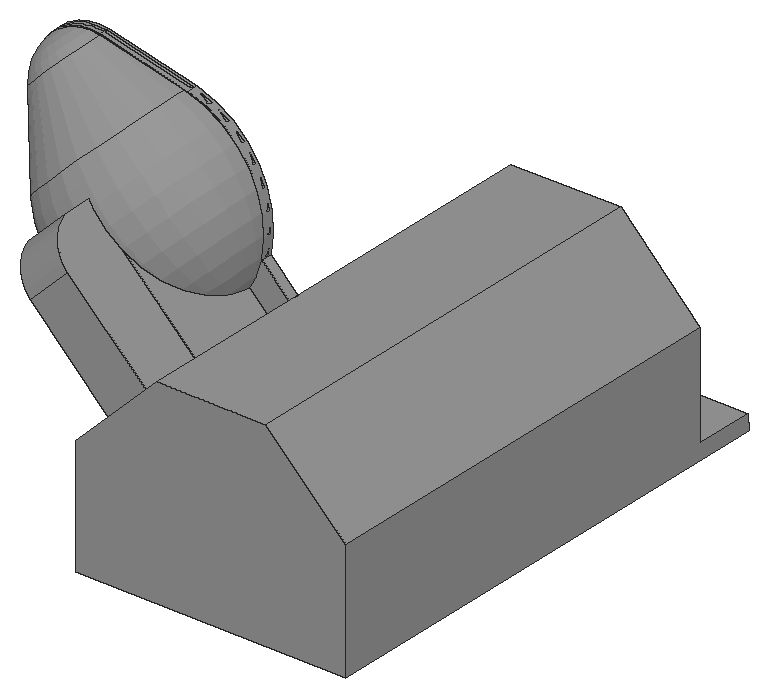
Revit family "Combination-Willoughby-ECW-1847-R-L-OF", category Plumbing Fixtures, Revit 2015
Parameters (values of type "Standard")
  Waste DIA = 2 3/8"
  Waste Connection = yes
  Vent Connection = no
  URL = "https://www.willoughby-ind.com/wp-content/uploads/2017/12/1847.pdf"
  Type Comments = ""
  Revision = "A"
  Lav Waste DIA = 1 1/2"
  Lav Waste Connection = yes
  HW Connection = no
  Flush Inlet DIA = 1 1/2"
  Flush Inlet Connection = yes
  Fixture Body = Stainless Steel AISI 304-Willoughby
  Model = "ECW-1847-R-L-OF"
  Manufacturer = "Willoughby Industries"
  Description = "1847 Combination Unit, Wall toilet waste outlet, Left toilet, Right Lav. Bowl, Off Floor mounted"
  Default Elevation = 0' - 0"
  Contact = "(800) 428-4065"
  CW Connection = no
Reference planes (in)
  plane 1 "Center (Front/Back)": y = 0
  plane 2: z = 0
  plane 3 "Center (Left/Right)": x = 0
  plane 4: x = 3.59375
  plane 5: x = -3.59375
  plane 6: x = 9
  plane 7: x = -9
  plane 8: z = 7.9375
  plane 9: z = 13.25
  plane 10: z = 1.0625
  plane 11: x = -6.375
  plane 12: x = 2.25
  plane 13: y = 11.5
  plane 14 "Seat HGT": y = 15
  plane 15: y = 20.5
  plane 16: y = 24.5
  plane 17 "Base Off Floor": y = 3
  plane 18: through (-4.05377, 15.25, 29.86392) normal (-0.7071, 0, 0.7071)
  plane 19: through (-12.3832, 15.25, 28.42878) normal (-0.7071, 0, 0.7071)
  plane 20: through (-13.97035, 15.25, 22.22746) normal (0.7071, 0, 0.7071)
  plane 21: through (-18.21299, 15.25, 17.98482) normal (0.7071, 0, 0.7071)
  plane 22: z = -3
Forms (in)
  Extrusion 1, solid, material "Stainless Steel AISI 304-Willoughby" <- "Fixture Body"
    sketch origin (0, 0, 0) x (1, 0, 0) y (0, 0, 1)
      loop
        line (9, 0) -> (9, 7.9375) -> (3.6875, 13.25) -> (-3.59375, 13.25) -> (-9, 7.84375) -> (-9, 0) -> (9, 0)
    from -3 to -32.5
  Extrusion 2, solid, material "Stainless Steel AISI 304-Willoughby" <- "Fixture Body"
    sketch origin (0, 0, 0) x (1, 0, 0) y (0, 0, 1)
      loop
        line (9, 0) -> (9, 1.0625) -> (-9, 1.0625) -> (-9, 0) -> (9, 0)
    from -32.5 to -36.5
  Extrusion 3, void
    sketch origin (0, 0, 0) x (1, 0, 0) y (0, 0, 1)
      loop
        line (8.03033, 7.1394) -> (2.55026, 12.61861)
        arc (2.55026, 12.61861) -> (2.40417, 12.71659) -> (2.23166, 12.75101) r 0.44955
        line (2.23166, 12.75101) -> (0.18776, 12.75101)
        arc (0.18776, 12.75101) -> (-0.69647, 12.38474) -> (-1.06274, 11.50051) r 1.2505
        line (-1.06274, 11.50051) -> (-1.06274, 4.92717)
        arc (-1.06274, 4.92717) -> (-0.94854, 4.35308) -> (-0.62332, 3.86639) r 1.50011
        line (-0.62332, 3.86639) -> (0.06911, 3.1742)
        arc (0.06911, 3.1742) -> (0.6082, 2.81399) -> (1.24411, 2.6875) r 1.66169
        line (1.24411, 2.6875) -> (6.75, 2.6875)
        arc (6.75, 2.6875) -> (7.81066, 3.12684) -> (8.25, 4.1875) r 1.5
        line (8.25, 4.1875) -> (8.25, 6.60907)
        arc (8.25, 6.60907) -> (8.19291, 6.89609) -> (8.03033, 7.1394) r 0.75
    from -32.5 to -27
  Revolve 4, solid, material "Stainless Steel AISI 304-Willoughby" <- "Fixture Body"
    sketch origin (0, 11.5, -12.68404) x (0, 0, -1) y (-1, 0, 0)
      loop
        line (-9.67969, 0) -> (-14.18404, 0) -> (-14.18404, -1.1875) -> (-9.67969, -1.1875) -> (-9.67969, 0)
      axis (-14.18404, 0) -> (-9.67969, 0)
    angle from 0 to 360
  Revolve 5, solid, material "Stainless Steel AISI 304-Willoughby" <- "Fixture Body"
    sketch origin (0, 20.5, -12.68404) x (0, 0, -1) y (-1, 0, 0)
      loop
        line (-12.68399, 6.375) -> (-14.18404, 6.375) -> (-14.18404, 5.625) -> (-12.68399, 5.625) -> (-12.68399, 6.375)
      axis (-12.68399, 6.375) -> (-14.18404, 6.375)
    angle from 0 to 360
  Revolve 6, solid, material "Stainless Steel AISI 304-Willoughby" <- "Fixture Body"
    sketch origin (0, 24.5, -7.01223) x (0, 0, -1) y (-1, 0, 0)
      loop
        line (-4.01223, -2.25) -> (-8.51223, -2.25) -> (-8.51223, -3) -> (-4.01223, -3) -> (-4.01223, -2.25)
      axis (-4.01223, -2.25) -> (-8.51223, -2.25)
    angle from 0 to 360
  Revolve 7, solid, material "Stainless Steel AISI 304-Willoughby" <- "Fixture Body"
    sketch origin (-3.45494, 14.75, 7.46941) x (0.707107, 0, -0.707107) y (-0.707107, 0, -0.707107)
      loop
        arc (-16.25875, -6.02566) -> (-9.22764, -6.08019) -> (-5.69625, 0) r 7
        line (-5.69625, 0) -> (-6.19625, 0)
        arc (-6.19625, 0) -> (-9.4731, -5.64458) -> (-15.99973, -5.59794) r 6.5
        line (-15.99973, -5.59794) -> (-20.8721, -2.57392)
        arc (-20.8721, -2.57392) -> (-21.91777, -1.47245) -> (-22.28998, 0) r 3
        line (-22.28998, 0) -> (-22.79, 0)
        arc (-22.79, 0) -> (-22.35472, -1.71553) -> (-21.13577, -2.99875) r 3.5
        line (-21.13577, -2.99875) -> (-16.25875, -6.02566)
      axis (-22.79, 0) -> (-5.69625, 0)
    angle from 0 to 180
  Extrusion 8, solid, material "Stainless Steel AISI 304-Willoughby" <- "Fixture Body"
    sketch origin (-3.30285, 14.75, 7.31731) x (0.707107, 0, -0.707107) y (-0.707107, 0, -0.707107)
      loop
        arc (-16.31246, -6.11221) -> (-11.15584, -6.77641) -> (-6.96698, -3.69657) r 6.99024
        line (-6.96698, -3.69657) -> (-4.40074, -3.69657) -> (-4.40074, 3.65625) -> (-6.9421, 3.65625)
        arc (-6.9421, 3.65625) -> (-11.2049, 6.78845) -> (-16.44046, 6.03277) r 6.98205
        line (-16.44046, 6.03277) -> (-21.4104, 2.94819)
        arc (-21.4104, 2.94819) -> (-23.00527, 0) -> (-21.4104, -2.94819) r 3.52237
        line (-21.4104, -2.94819) -> (-16.31246, -6.11221)
      loop
        line (-20.34476, -1.63051) -> (-15.05004, -3.88749)
        arc (-15.05004, -3.88749) -> (-8.1517, 0) -> (-15.05004, 3.88749) r 4.54455
        line (-15.05004, 3.88749) -> (-20.34476, 1.63051)
        arc (-20.34476, 1.63051) -> (-21.22494, 0) -> (-20.34476, -1.63051) r 1.95034
    from 0.25 to -0.5
  Extrusion 9, solid, material "Stainless Steel AISI 304-Willoughby" <- "Fixture Body"
    sketch origin (-7.12924, 15, 11.14371) x (0, 1, 0) y (-0.707107, 0, 0.707107)
      loop
        line (-6.77192, 9.05193) -> (-8.17415, 9.05193)
        arc (-8.17415, 9.05193) -> (-10.09199, 8.25753) -> (-10.88639, 6.33969) r 2.71224
        line (-10.88639, 6.33969) -> (-10.88639, -1.0106) -> (-6.77192, -1.0106) -> (-6.77192, 9.05193)
    from 1.75 to -1.75
  Extrusion 10, solid, material "Stainless Steel AISI 304-Willoughby" <- "Fixture Body"
    sketch origin (-7.12924, 15, 11.14371) x (0, 1, 0) y (-0.707107, 0, 0.707107)
      loop
        line (-6.77192, -1.0106) -> (-0.75, -1.0106) -> (-0.75, 0.82799)
        arc (-0.75, 0.82799) -> (-4.5139, 2.48885) -> (-6.77192, 5.92785) r 7.26374
        line (-6.77192, 5.92785) -> (-6.77192, -1.0106)
    from 1.75 to -1.75
Cuts and joins
  Extrusion 3 cuts Extrusion 1
  joined: Extrusion 1, Extrusion 2
Lines and regions (in)
  symbolic lines
    curve 1: line (0, 36.5, 0) -> (0, 3, 0)
    curve 2: line (0, 3, 0) -> (0, 3, 13.25)
    curve 3: line (0, 3, 13.25) -> (0, 32.5, 13.25)
    curve 4: line (0, 32.5, 13.25) -> (0, 32.5, 1.0625)
    curve 5: line (0, 32.5, 1.0625) -> (0, 36.5, 1.0625)
    curve 6: line (0, 36.5, 1.0625) -> (0, 36.5, 0)
    curve 7: line (0, 4.11361, 13.25) -> (0, 4.11361, 20.22942)
    curve 8: arc (0, 4.11361, 20.22942) -> (0, 4.90801, 22.14726) -> (0, 6.82585, 22.94166) r 2.71224
    curve 9: line (0, 6.82585, 22.94166) -> (0, 8.16186, 22.94166)
    curve 10: arc (0, 8.16186, 22.94166) -> (0, 7.98993, 21.26077) -> (0, 8.22041, 19.58691) r 7.09363
    curve 11: arc (0, 8.22041, 19.58691) -> (0, 10.43301, 16.13979) -> (0, 14.25, 14.65358) r 6.62225
    curve 12: line (0, 14.25, 14.65358) -> (0, 14.25, 13.25)
    curve 13: line (0, 15, 13.25) -> (0, 15, 31.48366)
    curve 14: line (0, 15, 31.48366) -> (0, 14.25, 31.48366)
    curve 15: arc (0, 14.25, 31.48366) -> (0, 12.93151, 30.99895) -> (0, 11.91787, 30.02638) r 3.43025
    curve 16: line (0, 11.91787, 30.02638) -> (0, 8.72434, 24.95223)
    curve 17: arc (0, 8.72434, 24.95223) -> (0, 8.22859, 23.98314) -> (0, 7.91202, 22.94166) r 6.13151
    curve 18: line (3.6875, 0, 13.25) -> (3.6875, 0, 15.43975)
    curve 19: arc (3.6875, 0, 15.43975) -> (6.77508, 0, 19.62906) -> (6.11221, 0, 24.79086) r 6.99024
    curve 20: line (6.11221, 0, 24.79086) -> (2.94819, 0, 29.88879)
    curve 21: arc (2.94819, 0, 29.88879) -> (0, 0, 31.52886) -> (-2.94819, 0, 29.88879) r 3.46986
    curve 22: line (-2.94819, 0, 29.88879) -> (-6.03277, 0, 24.91885)
    curve 23: arc (-6.03277, 0, 24.91885) -> (-6.85421, 0, 19.66684) -> (-3.65625, 0, 15.42049) r 6.82027
    curve 24: line (-3.65625, 0, 15.42049) -> (-3.65625, 0, 13.1875)
    curve 25: line (-3.65625, 0, 13.1875) -> (-9, 0, 7.84375)
    curve 26: line (-9, 0, 7.84375) -> (-9, 0, 0)
    curve 27: line (-9, 0, 0) -> (9, 0, 0)
    curve 28: line (9, 0, 0) -> (9, 0, 7.9375)
    curve 29: line (9, 0, 7.9375) -> (3.6875, 0, 13.25)
    curve 30: line (8.03033, 0, 7.1394) -> (2.55025, 0, 12.61948)
    curve 31: arc (2.55025, 0, 12.61948) -> (2.40408, 0, 12.71703) -> (2.23166, 0, 12.75101) r 0.44906
    curve 32: line (2.23166, 0, 12.75101) -> (0.18776, 0, 12.75101)
    curve 33: arc (0.18776, 0, 12.75101) -> (-0.69647, 0, 12.38474) -> (-1.06274, 0, 11.50051) r 1.2505
    curve 34: line (-1.06274, 0, 11.50051) -> (-1.06274, 0, 4.92717)
    curve 35: arc (-1.06274, 0, 4.92717) -> (-0.94855, 0, 4.3531) -> (-0.62336, 0, 3.86643) r 1.50011
    curve 36: line (-0.62336, 0, 3.86643) -> (0.08378, 0, 3.15928)
    curve 37: arc (0.08378, 0, 3.15928) -> (0.61622, 0, 2.80602) -> (1.24411, 0, 2.6875) r 1.61124
    curve 38: line (1.24411, 0, 2.6875) -> (6.75, 0, 2.6875)
    curve 39: arc (6.75, 0, 2.6875) -> (7.81066, 0, 3.12684) -> (8.25, 0, 4.1875) r 1.5
    curve 40: line (8.25, 0, 4.1875) -> (8.25, 0, 6.60907)
    curve 41: arc (8.25, 0, 6.60907) -> (8.19291, 0, 6.89609) -> (8.03033, 0, 7.1394) r 0.75
    curve 42: line (-9, 3, 0) -> (-9, 36.5, 0)
    curve 43: line (-9, 36.5, 0) -> (9, 36.5, 0)
    curve 44: line (9, 36.5, 0) -> (9, 3, 0)
    curve 45: line (9, 3, 0) -> (-9, 3, 0)
    curve 46: line (-9, 32.5, 0) -> (9, 32.5, 0)
    curve 47: line (-6.99724, 15, 0) -> (6.99885, 15, 0)
    curve 48: line (6.99885, 15, 0) -> (6.99885, 14.25, 0)
    curve 49: line (-6.99724, 14.25, 0) -> (-6.99724, 15, 0)
    curve 50: arc (6.99885, 14.25, 0) -> (4.76771, 9.62666, 0) -> (0, 7.72347, 0) r 7.08547
    curve 51: arc (0, 7.72347, 0) -> (-4.76383, 9.63028, 0) -> (-6.99724, 14.25, 0) r 7.09735
    curve 52: line (-1.75, 7.96227, 0) -> (-1.75, 4.11361, 0)
    curve 53: line (-1.75, 4.11361, 0) -> (1.75, 4.11361, 0)
    curve 54: line (1.75, 4.11361, 0) -> (1.75, 7.95947, 0)
    curve 55: line (3.6875, 0, 13.25) -> (-3.59375, 0, 13.25)
Dimensions and locks (in)
  equal spacing: plane 4, plane 3 "Center (Left/Right)", plane 5
  plane 4 to plane 5 = 0' - 7 3/16"
  equal spacing: plane 6, plane 3 "Center (Left/Right)", plane 7
  plane 6 to plane 7 = 1' - 6"
  plane 6 to plane 3 "Center (Left/Right)" = 0' - 9"
  level to plane 9 = 1' - 1 1/4"
  level to plane 8 = 0' - 7 15/16"
  plane 6 to plane 12 = 0' - 6 3/4"
  plane 13 to plane 1 "Center (Front/Back)" = 0' - 11 1/2"
  plane 14 "Seat HGT" to plane 1 "Center (Front/Back)" = 1' - 3"
  plane 15 to plane 1 "Center (Front/Back)" = 1' - 8 1/2"
  plane 16 to plane 1 "Center (Front/Back)" = 2' - 0 1/2"
  locked: plane 1 "Center (Front/Back)" to plane 13 at 11.5
  plane 1 "Center (Front/Back)" to plane 15 = 1' - 8 1/2"
  locked: plane 1 "Center (Front/Back)" to plane 16 at 24.5
  locked: plane 1 "Center (Front/Back)" to plane 14 "Seat HGT" at 15
  locked: plane 1 "Center (Front/Back)" to cut or joined group of Extrusion 1, Extrusion 2, Extrusion 3 at 32.5
  locked: cut or joined group of Extrusion 1, Extrusion 2, Extrusion 3 to plane 1 "Center (Front/Back)" at 36.5
  locked: plane 7 to plane 6 at 18
  locked: plane 7 to plane 11 at 2.625
  plane 7 to plane 3 "Center (Left/Right)" = 0' - 9"
  locked: plane 12 to plane 6 at 6.75
  plane 17 "Base Off Floor" to plane 1 "Center (Front/Back)" = 0' - 3"  (x2)
  plane 20 to plane 21 = 0' - 6"
  aligned and locked: plane 6 to Extrusion 2
  aligned and locked: Extrusion 2 to plane 10
  aligned and locked: Extrusion 2 to plane 7
  aligned and locked: Extrusion 2 to level
  aligned and locked: Extrusion 1 to plane 17 "Base Off Floor"
Automatic sketch dimensions
  Extrusion 1 sketch curve to level = 0' - 0"
  Extrusion 1 sketch curve to plane 7 = 0' - 0"
  Extrusion 1 sketch curve to plane 5 = 0' - 0"
  Extrusion 1 sketch curve to plane 9 = 0' - 0"
  Extrusion 1 sketch curve to plane 6 = 0' - 0"
  Extrusion 1 sketch curve to plane 8 = 0' - 0"
  plane 4 to Extrusion 1 sketch curve = 0' - 0 3/32"
  Extrusion 1 sketch curve to plane 8 = 0' - 0 3/32"
  Extrusion 2 sketch curve to level = 0' - 0"
  Extrusion 2 sketch curve to plane 7 = 0' - 0"
  Extrusion 2 sketch curve to plane 6 = 0' - 0"
  Extrusion 2 sketch curve to plane 10 = 0' - 0"
  Extrusion 3 sketch curve to plane 3 "Center (Left/Right)" = 0' - 1.06274"
  Extrusion 3 sketch curve to plane 3 "Center (Left/Right)" = 0' - 0.62332"
  plane 3 "Center (Left/Right)" to Extrusion 3 sketch curve = 0' - 0.06911"
  plane 3 "Center (Left/Right)" to Extrusion 3 sketch curve = 0' - 0.18776"
  plane 3 "Center (Left/Right)" to Extrusion 3 sketch curve = 0' - 0.43738"
  Extrusion 3 sketch curve to Extrusion 3 sketch curve = 0' - 0.80673"
  Extrusion 3 sketch curve to plane 12 = 0' - 0.01834"
  plane 12 to Extrusion 3 sketch curve = 0' - 0.30026"
  Extrusion 3 sketch curve to plane 6 = 0' - 2 1/4"
  Extrusion 3 sketch curve to plane 6 = 0' - 1 1/2"
  Extrusion 3 sketch curve to Extrusion 3 sketch curve = 0' - 0.53033"
  Extrusion 3 sketch curve to Extrusion 3 sketch curve = 0' - 0.21967"
  Extrusion 3 sketch curve to plane 10 = 0' - 1 5/8"
  Extrusion 3 sketch curve to Extrusion 3 sketch curve = 0' - 0.4867"
  Extrusion 3 sketch curve to Extrusion 3 sketch curve = 0' - 0.69219"
  Extrusion 3 sketch curve to plane 8 = 0' - 1.32843"
  Extrusion 3 sketch curve to plane 9 = 0' - 1.74949"
  Extrusion 3 sketch curve to Extrusion 3 sketch curve = 0' - 0.44955"
  Revolve 4 sketch curve to plane 3 "Center (Left/Right)" = 0' - 0"  (x2)
  Revolve 4 sketch curve to plane 10 = 0' - 0 7/16"
  plane 3 "Center (Left/Right)" to Revolve 4 sketch curve = 0' - 1 3/16"
  Revolve 4 sketch curve to level = 0' - 3.00435"
  Revolve 4 sketch curve to Revolve 4 sketch curve = 0' - 0"
  Revolve 4 sketch curve to Revolve 4 sketch curve = 0' - 0.50435"
  Revolve 5 sketch curve to plane 11 = 0' - 0"  (x2)
  Revolve 5 sketch curve to plane 10 = 0' - 0 7/16"
  plane 11 to Revolve 5 sketch curve = 0' - 0 3/4"
  Revolve 5 sketch curve to level = 0' - 0.00005"
  Revolve 5 sketch curve to Revolve 5 sketch curve = 0' - 0"
  Revolve 5 sketch curve to Revolve 5 sketch curve = 0' - 2.49995"
  Revolve 6 sketch curve to plane 12 = 0' - 0"  (x2)
  Revolve 6 sketch curve to plane 10 = 0' - 0 7/16"
  Revolve 6 sketch curve to plane 4 = 0' - 0 19/32"
  Revolve 6 sketch curve to level = 0' - 3"
  Revolve 6 sketch curve to Revolve 6 sketch curve = 0' - 0"
  Revolve 6 sketch curve to Revolve 6 sketch curve = 0' - 0 1/2"
  curve 1 to level = 0' - 0"
  curve 1 to plane 17 "Base Off Floor" = 0' - 0"
  curve 7 to plane 9 = 0' - 0"
  curve 13 to plane 14 "Seat HGT" = 0' - 0"
  plane 10 to curve 4 = 0' - 0"
  plane 17 "Base Off Floor" to curve 7 = 0' - 1.11361"
  curve 8 to curve 8 = 0' - 2.71224"
  curve 8 to curve 9 = 0' - 1.336"
  plane 13 to curve 16 = 0' - 0.41787"
  curve 17 to plane 14 "Seat HGT" = 0' - 1.08637"
  curve 14 to plane 14 "Seat HGT" = 0' - 0 3/4"
  curve 12 to plane 14 "Seat HGT" = 0' - 0 3/4"
  curve 11 to plane 14 "Seat HGT" = 0' - 0.37351"
  curve 15 to plane 14 "Seat HGT" = 0' - 0.25074"
  plane 14 "Seat HGT" to curve 10 = 0' - 0.08249"
  plane 16 to curve 4 = 0' - 8"
  curve 4 to curve 5 = 0' - 4"
  curve 12 to curve 12 = 0' - 1.40358"
  curve 7 to curve 7 = 0' - 6.97942"
  curve 11 to curve 11 = 0' - 6.61154"
  curve 11 to curve 10 = 0' - 0.11946"
  curve 11 to curve 17 = 0' - 0.42112"
  curve 17 to curve 15 = 0' - 6.4037"
  curve 15 to curve 16 = 0' - 1.93644"
  curve 17 to curve 9 = 0' - 0.24984"
  curve 9 to curve 16 = 0' - 0 9/16"
  curve 42 to plane 7 = 0' - 0"
  curve 47 to plane 14 "Seat HGT" = 0' - 0"
  curve 50 to plane 3 "Center (Left/Right)" = 0' - 0"
  curve 43 to plane 6 = 0' - 0"
  curve 42 to plane 17 "Base Off Floor" = 0' - 0"
  curve 47 to plane 11 = 0' - 0.62224"
  curve 53 to plane 3 "Center (Left/Right)" = 0' - 1 3/4"
  curve 50 to plane 3 "Center (Left/Right)" = 0' - 0.06456"
  plane 3 "Center (Left/Right)" to curve 51 = 0' - 0.07715"
  plane 17 "Base Off Floor" to curve 53 = 0' - 1.11361"
  curve 48 to curve 47 = 0' - 0 3/4"
  curve 49 to curve 47 = 0' - 0 3/4"
  curve 50 to plane 14 "Seat HGT" = 0' - 0.19136"
  plane 16 to curve 43 = 1' - 0"
  curve 54 to plane 12 = 0' - 0 1/2"
  curve 50 to curve 54 = 0' - 0.236"
  curve 46 to curve 42 = 0' - 4"
  curve 27 to level = 0' - 0"
  curve 27 to plane 7 = 0' - 0"
  curve 55 to plane 5 = 0' - 0"
  curve 21 to plane 3 "Center (Left/Right)" = 0' - 0"
  curve 55 to plane 9 = 0' - 0"
  curve 28 to plane 6 = 0' - 0"
  curve 29 to plane 8 = 0' - 0"
  plane 11 to curve 22 = 0' - 0.34223"
  curve 24 to plane 5 = 0' - 0 1/16"
  plane 5 to curve 22 = 0' - 0.64556"
  curve 34 to plane 3 "Center (Left/Right)" = 0' - 1.06274"
  curve 36 to plane 3 "Center (Left/Right)" = 0' - 0.62336"
  curve 23 to plane 3 "Center (Left/Right)" = 0' - 0.23789"
  plane 3 "Center (Left/Right)" to curve 19 = 0' - 0.00861"
  plane 3 "Center (Left/Right)" to curve 36 = 0' - 0.08378"
  plane 3 "Center (Left/Right)" to curve 33 = 0' - 0.18776"
  plane 3 "Center (Left/Right)" to curve 35 = 0' - 0.43738"
  curve 35 to curve 37 = 0' - 0.78572"
  curve 38 to plane 12 = 0' - 1.00589"
  curve 32 to plane 12 = 0' - 0.01834"
  curve 31 to plane 12 = 0' - 0.01728"
  plane 12 to curve 30 = 0' - 0.30025"
  curve 20 to plane 4 = 0' - 0.64556"
  plane 4 to curve 18 = 0' - 0 3/32"
  plane 4 to curve 20 = 0' - 2.51846"
  curve 39 to plane 6 = 0' - 2 1/4"
  curve 41 to plane 6 = 0' - 1 1/2"
  curve 41 to curve 30 = 0' - 0.53033"
  curve 40 to plane 6 = 0' - 0 3/4"
  curve 38 to plane 10 = 0' - 1 5/8"
  curve 37 to curve 36 = 0' - 0.47178"
  curve 36 to curve 36 = 0' - 0.70715"
  curve 40 to plane 8 = 0' - 1.32843"
  curve 25 to plane 8 = 0' - 0 3/32"
  curve 33 to plane 9 = 0' - 1.74949"
  curve 31 to curve 31 = 0' - 0.44906"
  curve 25 to plane 9 = 0' - 0 1/16"
  plane 9 to curve 24 = 0' - 2.17049"
  curve 55 to curve 18 = 0' - 2.18975"
  curve 24 to curve 23 = 0' - 5.90177"
  curve 23 to curve 19 = 0' - 0.06133"
  curve 19 to curve 21 = 0' - 6.67541"
  curve 21 to curve 22 = 0' - 1.82979"
  Revolve 7 sketch curve to Revolve 7 sketch curve = 0' - 0"  (x7)
  plane 18 to Revolve 7 sketch curve = 0' - 0"
  Revolve 7 sketch curve to plane 19 = 0' - 1.84366"
  Revolve 7 sketch curve to plane 19 = 0' - 0.26165"
  Revolve 7 sketch curve to plane 20 = 0' - 0.00125"
  plane 19 to Revolve 7 sketch curve = 0' - 0.00202"
  plane 19 to Revolve 7 sketch curve = 0' - 1 5/32"
  Revolve 7 sketch curve to Revolve 7 sketch curve = 0' - 0 1/2"  (x2)
  Revolve 7 sketch curve to plane 18 = 0' - 0.25901"
  Revolve 7 sketch curve to plane 18 = 0' - 3 9/16"
  Revolve 7 sketch curve to plane 20 = 0' - 3"
  Revolve 7 sketch curve to Revolve 7 sketch curve = 0' - 6 1/2"
  Revolve 7 sketch curve to plane 20 = 0' - 0.42608"
  Extrusion 8 sketch curve to plane 5 = 1' - 0.76385"
  plane 9 to Extrusion 8 sketch curve = 0' - 11.29144"
  Extrusion 8 sketch curve to Extrusion 8 sketch curve = 0' - 0"  (x2)
  Extrusion 8 sketch curve to Extrusion 8 sketch curve = 0' - 1.06564"  (x2)
  Extrusion 8 sketch curve to Extrusion 8 sketch curve = 0' - 0.86186"
  Extrusion 8 sketch curve to Extrusion 8 sketch curve = 0' - 0.2083"
  Extrusion 8 sketch curve to Extrusion 8 sketch curve = 0' - 4.96994"
  Extrusion 8 sketch curve to Extrusion 8 sketch curve = 0' - 5.09794"
  Extrusion 8 sketch curve to Extrusion 8 sketch curve = 0' - 1.39042"
  Extrusion 8 sketch curve to Extrusion 8 sketch curve = 0' - 1.26242"
  Extrusion 8 sketch curve to Extrusion 8 sketch curve = 0' - 2.14484"
  Extrusion 8 sketch curve to Extrusion 8 sketch curve = 0' - 0.00561"
  Extrusion 8 sketch curve to Extrusion 8 sketch curve = 0' - 0.20334"
  Extrusion 8 sketch curve to Extrusion 8 sketch curve = 0' - 5.72926"
  Extrusion 8 sketch curve to Extrusion 8 sketch curve = 0' - 5.75415"
  Extrusion 8 sketch curve to Extrusion 8 sketch curve = 0' - 2.54136"
  Extrusion 8 sketch curve to Extrusion 8 sketch curve = 0' - 0.74838"
  Extrusion 8 sketch curve to Extrusion 8 sketch curve = 0' - 0.9393"
  Extrusion 8 sketch curve to Extrusion 8 sketch curve = 0' - 2.22472"
  Extrusion 8 sketch curve to Extrusion 8 sketch curve = 0' - 1.31767"
  Extrusion 8 sketch curve to Extrusion 8 sketch curve = 0' - 0.00861"
  Extrusion 8 sketch curve to Extrusion 8 sketch curve = 0' - 1.63051"
  Extrusion 8 sketch curve to Extrusion 8 sketch curve = 0' - 0.0238"
  Extrusion 8 sketch curve to Extrusion 8 sketch curve = 0' - 3 21/32"
  plane 17 "Base Off Floor" to Extrusion 9 sketch curve = 0' - 1.11361"
  Extrusion 9 sketch curve to Extrusion 9 sketch curve = 0' - 2.71224"
  Extrusion 9 sketch curve to plane 13 = 0' - 3.27192"
  Extrusion 9 sketch curve to Extrusion 9 sketch curve = 0' - 7.35029"
  Extrusion 10 sketch curve to plane 13 = 0' - 3.27192"
  Extrusion 10 sketch curve to plane 14 "Seat HGT" = 0' - 0 3/4"
  plane 14 "Seat HGT" to Extrusion 10 sketch curve = 0' - 0.18041"
  Extrusion 10 sketch curve to Extrusion 10 sketch curve = 0' - 1.83859"
  Extrusion 10 sketch curve to Extrusion 10 sketch curve = 0' - 6.93845"
Connectors (in)
  piping at (0, 11.5, -3.00435), diameter 2.375, driven by "Waste Connection", driven by "Waste DIA"
    settings: on Revolve 4, index 1, connector inside diameter 24", connector length 0' - 0", flow factor 0, pipe flow 0 GPM, pressure drop 0.00 psi, fitting loss kfactor 0, connector angle 0.00°, fixture units 0, engagement length 0' - 0", angle of deflection 0.00°, flow configuration 0, flow direction 2, fitting loss method 0, system type 16, joint type 0, gender type 0, connector reference index -1, connector utility 1, adjustable connector no, is connector primary yes, connector description "Toilet Waste"
  piping at (-6.375, 20.5, -0.00005), diameter 1.5, driven by "Flush Inlet DIA", driven by "Flush Inlet Connection"
    settings: on Revolve 5, index 2, connector inside diameter 24", connector length 0' - 0", flow factor 0, pipe flow 0 GPM, pressure drop 0.00 psi, fitting loss kfactor 0, connector angle 0.00°, fixture units 0, engagement length 0' - 0", angle of deflection 0.00°, flow configuration 0, flow direction 1, fitting loss method 0, system type 20, joint type 0, gender type 0, connector reference index -1, connector utility 1, adjustable connector no, is connector primary no, connector description "Flush Inlet"
  piping at (2.25, 24.5, -3), diameter 1.5, driven by "Lav Waste DIA", driven by "Lav Waste Connection"
    settings: on Revolve 6, index 3, connector inside diameter 24", connector length 0' - 0", flow factor 0, pipe flow 0 GPM, pressure drop 0.00 psi, fitting loss kfactor 0, connector angle 0.00°, fixture units 0, engagement length 0' - 0", angle of deflection 0.00°, flow configuration 0, flow direction 2, fitting loss method 0, system type 16, joint type 0, gender type 0, connector reference index -1, connector utility 1, adjustable connector no, is connector primary no, connector description "Sink Waste"
